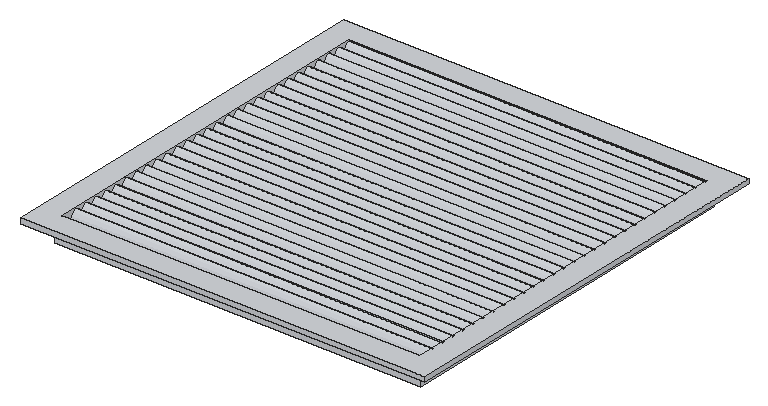
Revit family "R-1", category Air Terminals, host Face, Revit 2025
Family settings
  Host = Face
  Round Connector Dimension = Use Diameter
  Part Type = Normal
  Cut with Voids When Loaded = Yes
  Maintain Annotation Orientation = No
  Shared = No
  Room Calculation Point = No
Parameters
  x = S - 1"  # 21 1/4"
  S - 3/4" = (S - 3/4") / 2  # 10 3/4"
  Flow [instance] = 0 CFM
  D' [instance] = D / 2  # 8"
  S - 1/2" = (S - 1/2") / 2  # 10 7/8"
  S + 1 3/4" = (S + 1 3/4") / 2  # 12"
  S = 22 1/4"
  Default Elevation = 48"
  D [instance] = 16"
  Blade Count = rounddown(S / (3/4")) - 1  # 28
Reference planes (in)
  plane 1 "Center (Front/Back)": y = 0
  plane 2: z = 0
  plane 3 "Center (Left/Right)": x = 0
  plane 4: y = 10.625
  plane 5: y = -10.625
  plane 6: x = 0
  plane 7: y = 0
Forms (in)
  Sweep 1, solid, detail levels medium+fine
    path origin (0, 0, 0) x (1, 0, 0) y (0, 1, 0)
      loop
        line (-11.125, 11.125) -> (-11.125, -11.125) -> (11.125, -11.125) -> (11.125, 11.125) -> (-11.125, 11.125)
    profile origin (0, 11.125, 0) x (0, 1, 0) y (0, 0, 1)
      loop
        line (-0.5, 0.125) -> (-0.5, -1.125) -> (-0.375, -1.125) -> (-0.375, 0) -> (0.75, 0) -> (0.75, -0.15671) -> (0.875, -0.15671) -> (0.875, 0.125) -> (-0.5, 0.125)
      loop
        line (-0.33748, -0.875) -> (-0.33748, -1.17973) -> (-3.25, -1.17973) -> (-3.25, -2.75) -> (-2.69819, -2.75) -> (-2.69819, -2.625) -> (-3.125, -2.625) -> (-3.125, -1.30473) -> (-0.25, -1.30473) -> (-0.25, -0.875) -> (-0.33748, -0.875)
  Extrusion 2, void
    sketch origin (0, 0, 0) x (1, 0, 0) y (0, 1, 0)
      loop
        line (-11.625, 11.625) -> (-11.625, -11.625) -> (11.625, -11.625) -> (11.625, 11.625) -> (-11.625, 11.625)
    from -0.875 to 0.37471
Lines and regions (in)
  symbolic lines, not visible
    curve 1: line (-18.4983, 15.79612, 0) -> (19.7517, 15.79612, 0)
    curve 2: line (-18.4983, -20.95388, 0) -> (-18.4983, 15.79612, 0)
    curve 3: line (19.7517, -20.95388, 0) -> (-18.4983, -20.95388, 0)
    curve 4: line (19.7517, 15.79612, 0) -> (19.7517, -20.95388, 0)
Dimensions and locks (in)
  equal spacing: Sweep 1 sketch curve, plane 3 "Center (Left/Right)", Sweep 1 sketch curve
  equal spacing: Sweep 1 sketch curve, plane 1 "Center (Front/Back)", Sweep 1 sketch curve
  "S": Sweep 1 sketch curve to Sweep 1 sketch curve  (x2)
  "S - 3/4"": plane 1 "Center (Front/Back)" to Sweep 1 sketch curve
  "S - 1/2"": plane 1 "Center (Front/Back)" to Sweep 1 sketch curve
  "S + 1 3/4"": plane 1 "Center (Front/Back)" to Sweep 1 sketch curve
  Sweep 1 sketch curve to plane 2 = 1 1/8"
  Sweep 1 sketch curve to Sweep 1 sketch curve = 2 7/8"
  "D'": plane 1 "Center (Front/Back)" to Sweep 1 sketch curve
  Sweep 1 sketch curve to Sweep 1 sketch curve = 1/8"  (x5)
  Sweep 1 sketch curve to Sweep 1 sketch curve = 0.28171"
  equal spacing: plane 5, plane 1 "Center (Front/Back)", plane 4
  "x": plane 5 to plane 4
  aligned and locked: plane 2 to host face
  aligned and locked: level to host face
  aligned and locked: nested 1 to plane 4
  aligned and locked: plane 5 to nested 1
  aligned and locked: plane 1 "Center (Front/Back)" to nested 2
Automatic sketch dimensions
  host sketch curve to host sketch curve = 96"  (x2)
  Extrusion 2 sketch curve to plane 3 "Center (Left/Right)" = 11 5/8"
  plane 3 "Center (Left/Right)" to Extrusion 2 sketch curve = 11 5/8"
  plane 1 "Center (Front/Back)" to Extrusion 2 sketch curve = 11 5/8"
  Extrusion 2 sketch curve to plane 1 "Center (Front/Back)" = 11 5/8"
  Sweep 1 sketch curve to level = 0"
  Sweep 1 sketch curve to Sweep 1 sketch curve = 0.42681"
  Sweep 1 sketch curve to Sweep 1 sketch curve = 0.08748"
  Sweep 1 sketch curve to Sweep 1 sketch curve = 1/8"
  Sweep 1 sketch curve to level = 1.30473"
  Sweep 1 sketch curve to Sweep 1 sketch curve = 1/4"
Nested families (in)
  nested 1: "Blades" at (0, 10.625, -0.88439) x (0, -1, 0) z (0, 0, 1), type "Family2", detail levels medium+fine
    with Width 21 1/4", built-in parameter 1001306 1.7708 (stored number, unit not read), Count 28
  nested 2: "Family4" at (0, 0, 0), type "Family4", detail levels coarse
Connectors (in)
  hvac at (0, 0, -2.75), driven by "D", driven by "D", driven by "Flow"
    settings: on Sweep 1, index 1, duct flow 0 CFM, flow factor 0, pres drop 0.00 in-wg, loss coef 0, conn angle 0.00°, conn width 16", conn height 16", conn diameter 24", duct sys type 1, conn prof type 1, flow config 0, flow direction 0, loss method 4, conn ref index -1, conn util no, is conn primary yes, conn desc ""
Definition of nested family "Blades"
  Parameters (values of type "Family2")
    Width [instance] = 27.05847"
    built-in parameter 1001306 [instance] = Width  # 27.05847"
    Default Elevation = 0"
    Count [instance] = round([built-in parameter 1001306] / (3/4"))  # 36
  Reference planes (in)
    plane 1 "Center (Front/Back)": y = 0
    plane 2: z = 0
    plane 3 "Left": x = 0
    plane 4 "Right": x = 27.05847
    plane 5: x = 27.05847
  Lines and regions (in)
    reference lines
      curve 1: line (0, 0, 0) -> (27.05847, 0, 0)
  Dimensions and locks (in)
    "built-in parameter 1001306": plane 3 "Left" to plane 4 "Right"
    equal spacing: group 1, group 2, group 3, group 4, group 5, group 6, group 7, group 8, group 9, group 10, group 11, group 12, group 13, group 14, group 15, group 16, group 17, group 18, group 19, group 20, group 21, group 22, group 23, group 24, group 25, group 26, group 27, group 28, group 29, group 30, group 31, group 32, group 33, group 34, group 35, group 36  (x3)
    aligned and locked: plane 4 "Right" to curve 1
    aligned and locked: plane 1 "Center (Front/Back)" to curve 1
    aligned and locked: plane 3 "Left" to curve 1
    aligned and locked: level to plane 2
    aligned and locked: plane 5 to plane 4 "Right"
  Nested families (in)
    nested 1: "Family3" at (0, 0, 0) x (0, 1, 0) z (0, 0, 1), type "Family3"
      with Width 27.05847"
    nested 2: "Family3" at (0.75, 0, 0) x (0, 1, 0) z (0, 0, 1), type "Family3"
      with Width 27.05847"
    nested 3: "Family3" at (1.5, 0, 0) x (0, 1, 0) z (0, 0, 1), type "Family3"
      with Width 27.05847"
    nested 4: "Family3" at (2.25, 0, 0) x (0, 1, 0) z (0, 0, 1), type "Family3"
      with Width 27.05847"
    nested 5: "Family3" at (3, 0, 0) x (0, 1, 0) z (0, 0, 1), type "Family3"
      with Width 27.05847"
    nested 6: "Family3" at (3.75, 0, 0) x (0, 1, 0) z (0, 0, 1), type "Family3"
      with Width 27.05847"
    nested 7: "Family3" at (4.5, 0, 0) x (0, 1, 0) z (0, 0, 1), type "Family3"
      with Width 27.05847"
    nested 8: "Family3" at (5.25, 0, 0) x (0, 1, 0) z (0, 0, 1), type "Family3"
      with Width 27.05847"
    nested 9: "Family3" at (6, 0, 0) x (0, 1, 0) z (0, 0, 1), type "Family3"
      with Width 27.05847"
    nested 10: "Family3" at (6.75, 0, 0) x (0, 1, 0) z (0, 0, 1), type "Family3"
      with Width 27.05847"
    nested 11: "Family3" at (7.5, 0, 0) x (0, 1, 0) z (0, 0, 1), type "Family3"
      with Width 27.05847"
    nested 12: "Family3" at (8.25, 0, 0) x (0, 1, 0) z (0, 0, 1), type "Family3"
      with Width 27.05847"
    nested 13: "Family3" at (9, 0, 0) x (0, 1, 0) z (0, 0, 1), type "Family3"
      with Width 27.05847"
    nested 14: "Family3" at (9.75, 0, 0) x (0, 1, 0) z (0, 0, 1), type "Family3"
      with Width 27.05847"
    nested 15: "Family3" at (10.5, 0, 0) x (0, 1, 0) z (0, 0, 1), type "Family3"
      with Width 27.05847"
    nested 16: "Family3" at (11.25, 0, 0) x (0, 1, 0) z (0, 0, 1), type "Family3"
      with Width 27.05847"
    nested 17: "Family3" at (12, 0, 0) x (0, 1, 0) z (0, 0, 1), type "Family3"
      with Width 27.05847"
    nested 18: "Family3" at (12.75, 0, 0) x (0, 1, 0) z (0, 0, 1), type "Family3"
      with Width 27.05847"
    nested 19: "Family3" at (13.5, 0, 0) x (0, 1, 0) z (0, 0, 1), type "Family3"
      with Width 27.05847"
    nested 20: "Family3" at (14.25, 0, 0) x (0, 1, 0) z (0, 0, 1), type "Family3"
      with Width 27.05847"
    nested 21: "Family3" at (15, 0, 0) x (0, 1, 0) z (0, 0, 1), type "Family3"
      with Width 27.05847"
    nested 22: "Family3" at (15.75, 0, 0) x (0, 1, 0) z (0, 0, 1), type "Family3"
      with Width 27.05847"
    nested 23: "Family3" at (16.5, 0, 0) x (0, 1, 0) z (0, 0, 1), type "Family3"
      with Width 27.05847"
    nested 24: "Family3" at (17.25, 0, 0) x (0, 1, 0) z (0, 0, 1), type "Family3"
      with Width 27.05847"
    nested 25: "Family3" at (18, 0, 0) x (0, 1, 0) z (0, 0, 1), type "Family3"
      with Width 27.05847"
    nested 26: "Family3" at (18.75, 0, 0) x (0, 1, 0) z (0, 0, 1), type "Family3"
      with Width 27.05847"
    nested 27: "Family3" at (19.5, 0, 0) x (0, 1, 0) z (0, 0, 1), type "Family3"
      with Width 27.05847"
    nested 28: "Family3" at (20.25, 0, 0) x (0, 1, 0) z (0, 0, 1), type "Family3"
      with Width 27.05847"
    nested 29: "Family3" at (21, 0, 0) x (0, 1, 0) z (0, 0, 1), type "Family3"
      with Width 27.05847"
    nested 30: "Family3" at (21.75, 0, 0) x (0, 1, 0) z (0, 0, 1), type "Family3"
      with Width 27.05847"
    nested 31: "Family3" at (22.5, 0, 0) x (0, 1, 0) z (0, 0, 1), type "Family3"
      with Width 27.05847"
    nested 32: "Family3" at (23.25, 0, 0) x (0, 1, 0) z (0, 0, 1), type "Family3"
      with Width 27.05847"
    nested 33: "Family3" at (24, 0, 0) x (0, 1, 0) z (0, 0, 1), type "Family3"
      with Width 27.05847"
    nested 34: "Family3" at (24.75, 0, 0) x (0, 1, 0) z (0, 0, 1), type "Family3"
      with Width 27.05847"
    nested 35: "Family3" at (25.5, 0, 0) x (0, 1, 0) z (0, 0, 1), type "Family3"
      with Width 27.05847"
    nested 36: "Family3" at (26.25, 0, 0) x (0, 1, 0) z (0, 0, 1), type "Family3"
      with Width 27.05847"
  Definition of nested family "Family3"
    Parameters
      Width = 51.16047"
      Default Elevation = 0"
    Reference planes (in)
      plane 1 "Center (Front/Back)": y = 0
      plane 2: z = 0
      plane 3 "Center (Left/Right)": x = 0
      plane 4: x = -25.58024
      plane 5: x = 25.58024
      plane 6: y = 0.48061
      plane 7: y = 0
    Forms (in)
      Extrusion 1, solid
        sketch origin (0, 0, 0) x (0, 1, 0) y (0, 0, 1)
          loop
            spline (0, 0.97814) -> (0.06956, 0.94089) -> (0.13307, 0.8956) -> (0.19053, 0.84226) -> (0.24194, 0.78087) -> (0.28731, 0.71143) -> (0.32662, 0.63394) -> (0.35989, 0.54841) -> (0.38711, 0.45482) -> (0.40828, 0.35319) -> (0.4234, 0.24351) -> (0.43247, 0.12578) -> (0.4355, 0)
            line (0.4355, 0) -> (0.48061, 0)
            spline (0.48061, 0) -> (0.47971, 0.1242) -> (0.47254, 0.24097) -> (0.4591, 0.35031) -> (0.4394, 0.45221) -> (0.41343, 0.54669) -> (0.38119, 0.63374) -> (0.34268, 0.71336) -> (0.29791, 0.78555) -> (0.24686, 0.85031) -> (0.18956, 0.90763) -> (0.12598, 0.95753) -> (0.05613, 1)
            line (0.05613, 1) -> (0, 0.97814)
        from -25.58024 to 25.58024
    Dimensions and locks (in)
      equal spacing: plane 4, plane 3 "Center (Left/Right)", plane 5
      "Width": plane 4 to plane 5
      aligned and locked: plane 2 to level
      aligned and locked: Extrusion 1 to plane 4
      aligned and locked: Extrusion 1 to plane 5
      aligned and locked: plane 6 to Extrusion 1
    Automatic sketch dimensions
      Extrusion 1 sketch curve to plane 1 "Center (Front/Back)" = 0"
      Extrusion 1 sketch curve to level = 0"
      Extrusion 1 sketch curve to plane 1 "Center (Front/Back)" = 0.05613"
      Extrusion 1 sketch curve to plane 1 "Center (Front/Back)" = 0.4355"
      Extrusion 1 sketch curve to Extrusion 1 sketch curve = 0.04511"
      level to Extrusion 1 sketch curve = 0.97814"
      Extrusion 1 sketch curve to Extrusion 1 sketch curve = 0.02186"
Definition of nested family "Family4"
  Parameters
    Size = 24"
    Default Elevation = 0"
  Reference planes (in)
    plane 1 "Center (Front/Back)": y = 0
    plane 2: z = 0
    plane 3 "Center (Left/Right)": x = 0
  Lines and regions (in)
    symbolic lines
      curve 1: line (-12, 12, 0) -> (12, 12, 0)
      curve 2: line (-12, -12, 0) -> (-12, 12, 0)
      curve 3: line (12, -12, 0) -> (-12, -12, 0)
      curve 4: line (12, 12, 0) -> (12, -12, 0)
      curve 5: line (-12, 12, 0) -> (12, -12, 0)
  Dimensions and locks (in)
    equal spacing: curve 2, plane 3 "Center (Left/Right)", curve 4
    equal spacing: curve 3, plane 1 "Center (Front/Back)", curve 1
    "Size": curve 3 to curve 1
    "Size": curve 2 to curve 4
    aligned and locked: plane 2 to level
